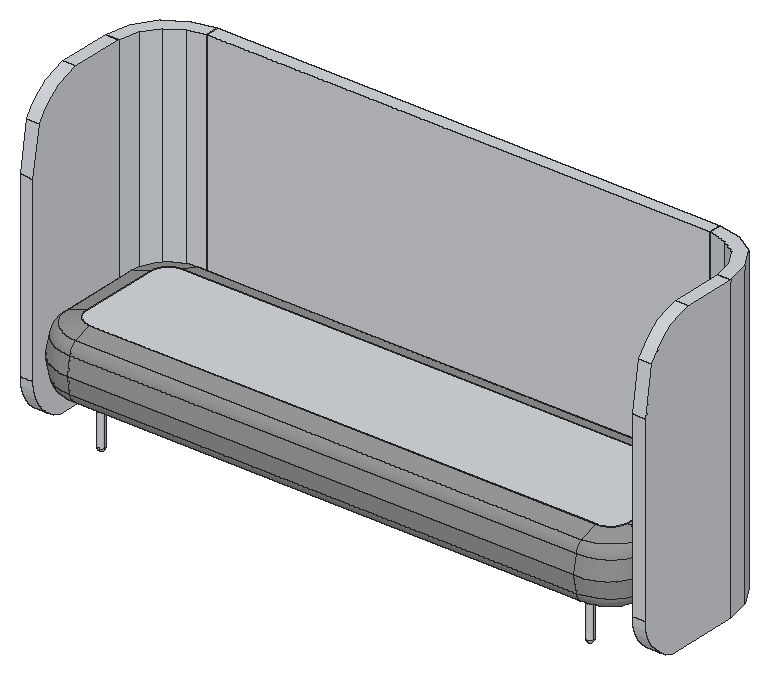
Revit family "Bernhardt-Design_Seating_ChapelleL_3-Seat_Full-Wall", category Furniture, Revit 2013
Parameters (values of type "3 Seat Full Wall")
  Model = "Chapelle"
  Mid Wall = 6' - 5.4107"
  Length = 8' - 1 1/2"
  Description = "Seating"
  Width = 2' - 4 1/4"
  URL = "http://bernhardtdesign.com/"
  Product Page URL = "http://www.bernhardtdesign.com/products/chapelle/index.html"
  Product Name = "Chapelle"
  Product Documentation Link = "http://www.bernhardtdesign.com/pdf/pricelists/sofas/Chapelle_PL.pdf"
  Manufacturer = "Bernhardt "  # constant formula
  Level Certification = ""
  Height = 3' - 11 3/8"
  GreenGuard Certification = ""
  Bernhardt Fabric = none
Reference planes (in)
  plane 1 "Center (Front/Back)": y = 0
  plane 2 "Bottom": z = 0
  plane 3 "Center (Left/Right)": x = 0
  plane 4: x = -38.70535
  plane 5: x = 38.70535
  plane 6 "Total Height": z = 47.375
  plane 7 "Seat Height": z = 16.87819
  plane 8 "Base": z = 0.76323
  plane 9: y = -1.50846
  plane 10: y = -18.00846
  plane 11 "seat front edge": y = -20.50934
Forms (in)
  Extrusion 1, solid
    sketch origin (0, 0, 0) x (1, 0, 0) y (0, 1, 0)
      loop
        line (-38.70535, 8.08149) -> (-38.70535, 6.08149) -> (38.70535, 6.08149) -> (38.70535, 8.08149) -> (-38.70535, 8.08149)
    from 0.76323 to 47.375
  Extrusion 2, solid
    sketch origin (0, 0, 0) x (1, 0, 0) y (0, 1, 0)
      loop
        line (38.70535, 8.08149) -> (38.70535, 6.03681) -> (41.35046, 5.47458) -> (43.83854, 3.8588) -> (45.44752, 1.38119) -> (46.06173, -1.50846) -> (48.10641, -1.50846) -> (47.32674, 2.15959) -> (45.28435, 5.30461) -> (42.12887, 7.3538) -> (38.70535, 8.08149)
    from 0.76323 to 47.375
  Extrusion 3, solid
    sketch origin (0, 0, 0) x (1, 0, 0) y (0, 1, 0)
      loop
        line (48.10641, -1.50846) -> (46.10641, -1.50846) -> (46.10641, -18.00846) -> (48.10641, -18.00846) -> (48.10641, -1.50846)
    from 0.76323 to 47.375
  Extrusion 4, void
    sketch origin (0, 0, 0) x (0, 1, 0) y (0, 0, 1)
      loop
        line (-9.75846, 47.375) -> (-9.75846, 53.875) -> (-24.50846, 53.875) -> (-18.00846, 29.97832)
        arc (-18.00846, 29.97832) -> (-17.92454, 36.30552) -> (-16.7009, 42.51385) r 34.94218
        arc (-16.7009, 42.51385) -> (-13.79438, 45.75091) -> (-9.75846, 47.375) r 9.61187
      loop
        line (-18.00846, 7.50157) -> (-23.08796, -4.465) -> (-12.78184, 0.76323)
        arc (-12.78184, 0.76323) -> (-16.52625, 3.25506) -> (-18.00846, 7.50157) r 7.06609
    from 0 to 71.47273
  Extrusion 5, solid
    sketch origin (0, 0, 0) x (1, 0, 0) y (0, 1, 0)
      loop
        line (-42.12887, 7.3538) -> (-45.28435, 5.30461) -> (-47.32674, 2.15959) -> (-48.10641, -1.50846) -> (-46.06173, -1.50846) -> (-45.44752, 1.38119) -> (-43.83854, 3.8588) -> (-41.35046, 5.47458) -> (-38.70535, 6.03681) -> (-38.70535, 8.08149) -> (-42.12887, 7.3538)
    from 0.76323 to 47.375
  Extrusion 6, solid
    sketch origin (0, 0, 0) x (1, 0, 0) y (0, 1, 0)
      loop
        line (-48.10641, -1.50846) -> (-48.10641, -18.00846) -> (-46.10641, -18.00846) -> (-46.10641, -1.50846) -> (-48.10641, -1.50846)
    from 0.76323 to 47.375
  Extrusion 7, void
    sketch origin (0, 0, 0) x (0, 1, 0) y (0, 0, 1)
      loop
        line (-1.50846, 47.375) -> (-35.50846, 72.76323) -> (-35.50846, -9.98677) -> (-1.50846, -9.98677) -> (-1.50846, 0.76323) -> (-12.78184, 0.76323)
        arc (-12.78184, 0.76323) -> (-16.52625, 3.25506) -> (-18.00846, 7.50157) r 7.06609
        line (-18.00846, 7.50157) -> (-18.00846, 35.38256)
        arc (-18.00846, 35.38256) -> (-17.54014, 38.98221) -> (-16.7009, 42.51385) r 34.94218
        arc (-16.7009, 42.51385) -> (-13.79438, 45.75091) -> (-9.75846, 47.375) r 9.61187
        line (-9.75846, 47.375) -> (-1.50846, 47.375)
    from -56.62088 to -20.41575
Cuts and joins
  Extrusion 4 cuts Extrusion 3
  Extrusion 7 cuts Extrusion 6
Lines and regions (in)
  symbolic lines
    curve 1: arc (-45.84193, -13.54173, 0) -> (-43.79167, -18.49148, 0) -> (-38.84193, -20.54173, 0) r 7
    curve 2: line (39.15807, -20.54173, 0) -> (-38.84193, -20.54173, 0)
    curve 3: arc (46.15807, -13.54173, 0) -> (44.10782, -18.49148, 0) -> (39.15807, -20.54173, 0) r 7
    curve 4: line (-48.10641, -18.00846, 0) -> (-46.10641, -18.00846, 0)
    curve 5: line (-48.10641, -1.50846, 0) -> (-48.10641, -18.00846, 0)
    curve 6: line (-46.10641, -18.00846, 0) -> (-46.10641, -1.71867, 0)
    curve 7: line (-47.32674, 2.15959, 0) -> (-48.10641, -1.50846, 0)
    curve 8: line (-45.28435, 5.30461, 0) -> (-47.32674, 2.15959, 0)
    curve 9: line (-42.12887, 7.3538, 0) -> (-45.28435, 5.30461, 0)
    curve 10: line (-38.70535, 8.08149, 0) -> (-42.12887, 7.3538, 0)
    curve 11: line (-46.10641, -1.71867, 0) -> (-45.44752, 1.38119, 0)
    curve 12: line (-45.44752, 1.38119, 0) -> (-43.83854, 3.8588, 0)
    curve 13: line (-43.83854, 3.8588, 0) -> (-41.35046, 5.47458, 0)
    curve 14: line (-41.35046, 5.47458, 0) -> (-38.49514, 6.08149, 0)
    curve 15: line (-38.49514, 6.08149, 0) -> (38.49514, 6.08149, 0)
    curve 16: line (38.70535, 8.08149, 0) -> (-38.70535, 8.08149, 0)
    curve 17: line (42.12887, 7.3538, 0) -> (38.70535, 8.08149, 0)
    curve 18: line (38.49514, 6.08149, 0) -> (41.35046, 5.47458, 0)
    curve 19: line (41.35046, 5.47458, 0) -> (43.83854, 3.8588, 0)
    curve 20: line (45.28435, 5.30461, 0) -> (42.12887, 7.3538, 0)
    curve 21: line (47.32674, 2.15959, 0) -> (45.28435, 5.30461, 0)
    curve 22: line (43.83854, 3.8588, 0) -> (45.44752, 1.38119, 0)
    curve 23: line (45.44752, 1.38119, 0) -> (46.10641, -1.71867, 0)
    curve 24: line (48.10641, -1.50846, 0) -> (47.32674, 2.15959, 0)
    curve 25: line (48.10641, -18.00846, 0) -> (48.10641, -1.50846, 0)
    curve 26: line (46.10641, -1.71867, 0) -> (46.10641, -18.00846, 0)
    curve 27: line (46.10641, -18.00846, 0) -> (48.10641, -18.00846, 0)
Dimensions and locks (in)
  "Mid Wall": plane 4 to plane 5
  equal spacing: plane 4, plane 3 "Center (Left/Right)", plane 5
  "Height": plane 6 "Total Height" to level
  Extrusion 3 to plane 1 "Center (Front/Back)" = 0' - 1.50846"
  locked: nested 1 to plane 3 "Center (Left/Right)" at 45.84193
  aligned and locked: plane 2 "Bottom" to level
  aligned and locked: Extrusion 1 sketch curve to plane 4
  aligned and locked: Extrusion 1 sketch curve to plane 5
  aligned and locked: Extrusion 1 to plane 8 "Base"
  aligned and locked: plane 6 "Total Height" to Extrusion 1
  aligned and locked: plane 6 "Total Height" to Extrusion 2
  aligned and locked: Extrusion 2 to plane 8 "Base"
  aligned and locked: Extrusion 1 to Extrusion 3
  aligned and locked: Extrusion 3 to plane 8 "Base"
  aligned and locked: plane 6 "Total Height" to Extrusion 3
  aligned and locked: Extrusion 2 to Extrusion 1  (x2)
  aligned and locked: Extrusion 3 to Extrusion 2
  aligned and locked: Extrusion 5 sketch curve to Extrusion 1
  aligned and locked: Extrusion 5 sketch curve to plane 9
  aligned and locked: Extrusion 5 to Extrusion 1
  aligned and locked: plane 6 "Total Height" to Extrusion 5
  aligned and locked: Extrusion 6 sketch curve to Extrusion 5
  aligned and locked: Extrusion 6 sketch curve to plane 10
  aligned and locked: Extrusion 6 to Extrusion 1
  aligned and locked: plane 6 "Total Height" to Extrusion 6
Automatic sketch dimensions
  Extrusion 1 sketch curve to plane 1 "Center (Front/Back)" = 0' - 6.08149"
  Extrusion 1 sketch curve to Extrusion 1 sketch curve = 0' - 2"
  Extrusion 2 sketch curve to plane 5 = 0' - 0"
  Extrusion 2 sketch curve to plane 1 "Center (Front/Back)" = 0' - 1.38119"
  plane 5 to Extrusion 2 sketch curve = 0' - 2.64512"
  Extrusion 2 sketch curve to Extrusion 2 sketch curve = 0' - 0.7784"
  Extrusion 2 sketch curve to Extrusion 2 sketch curve = 0' - 2.48808"
  Extrusion 2 sketch curve to Extrusion 2 sketch curve = 0' - 1.44581"  (x2)
  Extrusion 2 sketch curve to Extrusion 2 sketch curve = 0' - 1.60898"
  Extrusion 2 sketch curve to plane 1 "Center (Front/Back)" = 0' - 2.15959"
  Extrusion 2 sketch curve to Extrusion 2 sketch curve = 0' - 1.87923"  (x2)
  Extrusion 2 sketch curve to Extrusion 2 sketch curve = 0' - 0.61421"
  Extrusion 2 sketch curve to Extrusion 2 sketch curve = 0' - 2.04468"  (x2)
  plane 1 "Center (Front/Back)" to Extrusion 2 sketch curve = 0' - 1.50846"
  Extrusion 2 sketch curve to Extrusion 2 sketch curve = 0' - 2.47761"
  Extrusion 2 sketch curve to Extrusion 2 sketch curve = 0' - 1.61577"
  Extrusion 2 sketch curve to Extrusion 2 sketch curve = 0' - 0.72769"
  plane 5 to Extrusion 3 sketch curve = 0' - 7.40106"
  plane 1 "Center (Front/Back)" to Extrusion 3 sketch curve = 1' - 6.00846"
  Extrusion 3 sketch curve to Extrusion 3 sketch curve = 0' - 2"
  plane 1 "Center (Front/Back)" to Extrusion 3 sketch curve = 0' - 1.50846"
  Extrusion 4 sketch curve to plane 8 "Base" = 0' - 0"
  Extrusion 4 sketch curve to plane 6 "Total Height" = 0' - 0"
  plane 6 "Total Height" to Extrusion 4 sketch curve = 0' - 6 1/2"
  plane 1 "Center (Front/Back)" to Extrusion 4 sketch curve = 2' - 0.50846"
  Extrusion 4 sketch curve to level = 0' - 4.465"
  plane 1 "Center (Front/Back)" to Extrusion 4 sketch curve = 1' - 11.08796"
  plane 7 "Seat Height" to Extrusion 4 sketch curve = 1' - 1.10012"
  plane 1 "Center (Front/Back)" to Extrusion 4 sketch curve = 1' - 6.00846"
  plane 8 "Base" to Extrusion 4 sketch curve = 0' - 6.73834"
  Extrusion 4 sketch curve to Extrusion 4 sketch curve = 0' - 5.0795"
  Extrusion 4 sketch curve to Extrusion 4 sketch curve = 0' - 5.22662"
  plane 1 "Center (Front/Back)" to Extrusion 4 sketch curve = 0' - 9.75846"
  Extrusion 4 sketch curve to plane 6 "Total Height" = 0' - 4.86115"
  Extrusion 4 sketch curve to Extrusion 4 sketch curve = 0' - 6.94244"
  plane 8 "Base" to Extrusion 4 sketch curve = 0' - 6.8226"
  plane 1 "Center (Front/Back)" to Extrusion 4 sketch curve = 0' - 8 9/32"
  Extrusion 4 sketch curve to plane 6 "Total Height" = 1' - 2.69456"
  Extrusion 5 sketch curve to plane 1 "Center (Front/Back)" = 0' - 2.15959"
  plane 4 to Extrusion 5 sketch curve = 0' - 8.62139"
  Extrusion 5 sketch curve to plane 1 "Center (Front/Back)" = 0' - 1.38119"
  Extrusion 5 sketch curve to Extrusion 5 sketch curve = 0' - 1.87923"  (x2)
  Extrusion 5 sketch curve to Extrusion 5 sketch curve = 0' - 2.0424"
  Extrusion 5 sketch curve to Extrusion 5 sketch curve = 0' - 1.44581"  (x2)
  plane 4 to Extrusion 5 sketch curve = 0' - 3.42352"
  Extrusion 5 sketch curve to Extrusion 5 sketch curve = 0' - 0.7784"
  Extrusion 5 sketch curve to Extrusion 5 sketch curve = 0' - 0.77967"
  Extrusion 5 sketch curve to Extrusion 5 sketch curve = 0' - 2.47761"
  Extrusion 5 sketch curve to Extrusion 5 sketch curve = 0' - 1.61577"
  Extrusion 5 sketch curve to Extrusion 5 sketch curve = 0' - 0.72769"
  Extrusion 5 sketch curve to Extrusion 5 sketch curve = 0' - 2.04468"  (x2)
  plane 4 to Extrusion 6 sketch curve = 0' - 9.40106"
  Extrusion 6 sketch curve to Extrusion 6 sketch curve = 0' - 2"
  Extrusion 7 sketch curve to plane 10 = 0' - 0"
  Extrusion 7 sketch curve to plane 8 "Base" = 0' - 0"
  Extrusion 7 sketch curve to plane 9 = 0' - 0"  (x2)
  Extrusion 7 sketch curve to level = 0' - 9.98677"
  Extrusion 7 sketch curve to plane 6 "Total Height" = 0' - 0"
  plane 10 to Extrusion 7 sketch curve = 1' - 5 1/2"
  Extrusion 7 sketch curve to plane 10 = 0' - 5.22662"
  Extrusion 7 sketch curve to Extrusion 7 sketch curve = 0' - 8 1/4"
  Extrusion 7 sketch curve to plane 10 = 0' - 1.30756"
  plane 8 "Base" to Extrusion 7 sketch curve = 0' - 6.8226"
  Extrusion 7 sketch curve to Extrusion 7 sketch curve = 0' - 1.83897"
  plane 9 to Extrusion 7 sketch curve = 0' - 6.77278"
  Extrusion 7 sketch curve to plane 1 "Center (Front/Back)" = 1' - 4.82908"
  Extrusion 7 sketch curve to plane 6 "Total Height" = 0' - 11.99244"
  Extrusion 7 sketch curve to plane 6 "Total Height" = 1' - 2.69456"
  plane 6 "Total Height" to Extrusion 7 sketch curve = 2' - 1.38823"
  curve 5 to plane 9 = 0' - 0"
  curve 4 to plane 10 = 0' - 0"
  curve 16 to plane 4 = 0' - 0"
  curve 17 to plane 5 = 0' - 0"
  plane 10 to curve 27 = 0' - 0"
  plane 9 to curve 25 = 0' - 0"
  curve 2 to plane 11 "seat front edge" = 0' - 0.03239"
  plane 4 to curve 2 = 0' - 0.13658"
  plane 4 to curve 14 = 0' - 2.64512"
  curve 10 to curve 13 = 0' - 0.7784"
  curve 12 to curve 13 = 0' - 2.48808"
  curve 8 to curve 12 = 0' - 1.44581"
  curve 11 to plane 1 "Center (Front/Back)" = 0' - 1.38119"
  curve 11 to curve 12 = 0' - 1.60898"
  plane 9 to curve 6 = 0' - 0.21021"
  curve 6 to curve 11 = 0' - 0.6589"
  curve 8 to plane 1 "Center (Front/Back)" = 0' - 2.15959"
  curve 8 to curve 11 = 0' - 1.87923"
  curve 5 to curve 4 = 0' - 2"
  curve 14 to plane 4 = 0' - 0.21021"
  curve 18 to plane 5 = 0' - 0.21021"
  plane 5 to curve 19 = 0' - 2.64512"
  curve 18 to curve 20 = 0' - 0.7784"
  curve 18 to curve 22 = 0' - 2.48808"
  curve 19 to curve 20 = 0' - 1.44581"  (x2)
  curve 22 to plane 1 "Center (Front/Back)" = 0' - 1.38119"
  curve 19 to curve 22 = 0' - 1.60898"
  plane 9 to curve 23 = 0' - 0.21021"
  curve 22 to curve 23 = 0' - 0.6589"
  curve 24 to plane 1 "Center (Front/Back)" = 0' - 2.15959"
  curve 22 to curve 24 = 0' - 1.87923"
  curve 23 to curve 25 = 0' - 2"
  curve 1 to plane 10 = 0' - 4.46673"
  plane 5 to curve 2 = 0' - 0.45273"
  curve 26 to curve 3 = 0' - 0.05166"
  curve 11 to curve 12 = 0' - 2.47761"
  curve 22 to curve 22 = 0' - 2.47761"
  curve 12 to curve 8 = 0' - 1.44581"
  curve 12 to curve 13 = 0' - 1.61577"
  curve 19 to curve 19 = 0' - 1.61577"
  curve 13 to curve 15 = 0' - 0.60692"
  curve 18 to curve 20 = 0' - 1.87923"
  curve 13 to curve 10 = 0' - 1.87923"
  curve 14 to curve 16 = 0' - 2"
Nested families (in)
  nested 1: "Bernhardt-Design_Seating_ChapelleL_3-Seat_Bench" at (0, 11.08005, 0), type "3 seater bench"
Definition of nested family "Bernhardt-Design_Seating_ChapelleL_3-Seat_Bench"
  Parameters (values of type "3 seater bench")
    Width = 1' - 10 7/8"
    Model = "Chapelle 3 Seat Bench"
    Manufacturer = "Bernhardt"
    Length = 7' - 8"
    Height = 1' - 6"
    Description = "Seating"
    Bernhardt Metal = none
    Bernhardt Fabrics = Fabric-Bernhardt-White
  Reference planes (in)
    plane 1: z = 0
    plane 2: z = 47.125
    plane 3: y = -5.21875
    plane 4 "mid seat": z = 11.85004
    plane 5 "op seat": z = 16.98912
    plane 6: x = -1.59193
    plane 7 "front edge of bench": y = -31.62178
    plane 8 "Bench center": y = -18.53536
    plane 9: x = -45.84193
    plane 10: x = -37.46693
    plane 11: y = -10.00733
    plane 12: y = -26.79581
    plane 13: x = 46.15807
    plane 14: x = 37.78307
    plane 15: z = 11.85004
  Forms (in)
    Revolve 1, solid
      sketch origin (-15.73798, -26.79581, 0) x (0, 0, -1) y (1, 0, 0)
        loop
          line (-6.88986, -21.72633) -> (0, -21.72633)
          arc (0, -21.72633) -> (-0.20612, -21.34815) -> (-0.60963, -21.19754) r 0.6158
          line (-0.60963, -21.19754) -> (-5.60963, -21.19754)
          arc (-5.60963, -21.19754) -> (-6.34307, -20.9291) -> (-6.71097, -20.24015) r 1.0948
          line (-6.71097, -20.24015) -> (-6.83424, -20.24015) -> (-6.88986, -20.44772) -> (-6.88986, -21.72633)
        axis (-6.88986, -21.72633) -> (0, -21.72633)
      angle from 0 to 360
    Revolve 2, solid
      sketch origin (-15.66149, -10.00733, 0) x (0, 0, -1) y (-1, 0, 0)
        loop
          line (-6.88986, 21.72633) -> (-6.88986, 20.44772) -> (-6.83424, 20.24015) -> (-6.71097, 20.24015)
          arc (-6.71097, 20.24015) -> (-6.34307, 20.9291) -> (-5.60963, 21.19754) r 1.0948
          line (-5.60963, 21.19754) -> (-0.60963, 21.19754)
          arc (-0.60963, 21.19754) -> (-0.20612, 21.34815) -> (0, 21.72633) r 0.6158
          line (0, 21.72633) -> (-6.88986, 21.72633)
        axis (-6.88986, 21.72633) -> (0, 21.72633)
      angle from 0 to 360
    Sweep 3, solid, material "Fabric-Bernhardt-White"
      path origin (0, 0, 6.71097) x (0, 1, 0) y (-1, 0, 0)
        loop
          arc (-5.21875, 38.84193) -> (-7.269, 43.79167) -> (-12.21875, 45.84193) r 7
          line (-12.21875, 45.84193) -> (-24.62178, 45.84193)
          arc (-24.62178, 45.84193) -> (-29.57153, 43.79167) -> (-31.62178, 38.84193) r 7
          line (-31.62178, 38.84193) -> (-31.62178, -39.15807)
          arc (-31.62178, -39.15807) -> (-29.57153, -44.10782) -> (-24.62178, -46.15807) r 7
          line (-24.62178, -46.15807) -> (-12.21875, -46.15807)
          arc (-12.21875, -46.15807) -> (-7.269, -44.10782) -> (-5.21875, -39.15807) r 7
          line (-5.21875, -39.15807) -> (-5.21875, 38.84193)
      profile origin (0.15807, -5.21875, 6.71097) x (0, 1, 0) y (0, 0, 1)
        loop
          line (0, 5.13907) -> (-4.32844, 5.13907) -> (-4.32844, 0) -> (-1.55892, 0.88647)
          arc (-1.55892, 0.88647) -> (-0.84704, 1.53879) -> (-0.47753, 2.43085) r 2.23055
          line (-0.47753, 2.43085) -> (0, 5.13907)
    Extrusion 4, solid
      sketch origin (0, 0, 16.98912) x (-1, 0, 0) y (0, -1, 0)
        loop
          arc (-39.15807, 27.29334) -> (-41.04715, 26.51086) -> (-41.82963, 24.62178) r 2.67156
          line (-41.82963, 24.62178) -> (-41.82963, 12.21875)
          arc (-41.82963, 12.21875) -> (-41.04715, 10.32967) -> (-39.15807, 9.54719) r 2.67156
          line (-39.15807, 9.54719) -> (38.84193, 9.54719)
          arc (38.84193, 9.54719) -> (40.731, 10.32967) -> (41.51348, 12.21875) r 2.67156
          line (41.51348, 12.21875) -> (41.51348, 24.62178)
          arc (41.51348, 24.62178) -> (40.731, 26.51086) -> (38.84193, 27.29334) r 2.67156
          line (38.84193, 27.29334) -> (-39.15807, 27.29334)
      from 0 to -5.13907
    Revolve 5, solid
      sketch origin (12.55413, -26.79581, 0) x (0, 0, -1) y (1, 0, 0)
        loop
          line (-6.88986, 25.22633) -> (-6.88986, 23.94772) -> (-6.83424, 23.74015) -> (-6.71097, 23.74015)
          arc (-6.71097, 23.74015) -> (-6.34307, 24.4291) -> (-5.60963, 24.69754) r 1.0948
          line (-5.60963, 24.69754) -> (-0.60963, 24.69754)
          arc (-0.60963, 24.69754) -> (-0.20612, 24.84815) -> (0, 25.22633) r 0.6158
          line (0, 25.22633) -> (-6.88986, 25.22633)
        axis (-6.88986, 25.22633) -> (0, 25.22633)
      angle from 0 to 360
    Revolve 6, solid
      sketch origin (12.47764, -10.00733, 0) x (0, 0, -1) y (-1, 0, 0)
        loop
          line (-6.88986, -25.22633) -> (0, -25.22633)
          arc (0, -25.22633) -> (-0.20612, -24.84815) -> (-0.60963, -24.69754) r 0.6158
          line (-0.60963, -24.69754) -> (-5.60963, -24.69754)
          arc (-5.60963, -24.69754) -> (-6.34307, -24.4291) -> (-6.71097, -23.74015) r 1.0948
          line (-6.71097, -23.74015) -> (-6.83424, -23.74015) -> (-6.88986, -23.94772) -> (-6.88986, -25.22633)
        axis (-6.88986, -25.22633) -> (0, -25.22633)
      angle from 0 to 360
    Sweep 7, solid, material "Fabric-Bernhardt-White"
      path origin (0, 0, 16.98912) x (-1, 0, 0) y (0, -1, 0)
        loop
          arc (38.84193, 5.21875) -> (43.79167, 7.269) -> (45.84193, 12.21875) r 7
          line (45.84193, 12.21875) -> (45.84193, 24.62178)
          arc (45.84193, 24.62178) -> (43.79167, 29.57153) -> (38.84193, 31.62178) r 7
          line (38.84193, 31.62178) -> (-39.15807, 31.62178)
          arc (-39.15807, 31.62178) -> (-44.10782, 29.57153) -> (-46.15807, 24.62178) r 7
          line (-46.15807, 24.62178) -> (-46.15807, 12.21875)
          arc (-46.15807, 12.21875) -> (-44.10782, 7.269) -> (-39.15807, 5.21875) r 7
          line (-39.15807, 5.21875) -> (38.84193, 5.21875)
      profile origin (0.15807, -5.21875, 16.98912) x (0, 1, 0) y (0, 0, 1)
        loop
          line (0, -5.13907) -> (-0.47753, -2.43085)
          arc (-0.47753, -2.43085) -> (-0.84704, -1.53879) -> (-1.55892, -0.88647) r 2.23055
          line (-1.55892, -0.88647) -> (-4.32844, 0) -> (-4.32844, -5.13907) -> (0, -5.13907)
  Lines and regions (in)
    symbolic lines
      curve 1: arc (-38.84193, -5.21875, 16.98912) -> (-43.79167, -7.269, 16.98912) -> (-45.84193, -12.21875, 16.98912) r 7
      curve 2: arc (-45.84193, -24.62178, 16.98912) -> (-43.79167, -29.57153, 16.98912) -> (-38.84193, -31.62178, 16.98912) r 7
      curve 3: line (-45.84193, -12.21875, 16.98912) -> (-45.84193, -24.62178, 16.98912)
      curve 4: arc (39.15807, -5.21875, 16.98912) -> (44.10782, -7.269, 16.98912) -> (46.15807, -12.21875, 16.98912) r 7
      curve 5: arc (46.15807, -24.62178, 16.98912) -> (44.10782, -29.57153, 16.98912) -> (39.15807, -31.62178, 16.98912) r 7
      curve 6: line (46.15807, -12.21875, 16.98912) -> (46.15807, -24.62178, 16.98912)
      curve 7: line (-38.84193, -5.21875, 16.98912) -> (39.15807, -5.21875, 16.98912)
      curve 8: line (-38.84193, -31.62178, 16.98912) -> (39.15807, -31.62178, 16.98912)
  Dimensions and locks (in)
    locked: plane 2 to level at 47.125
    locked: plane 9 to plane 10 at 8.375
    locked: plane 13 to plane 14 at 8.375
    "Length": plane 9 to plane 13
    plane 3 to plane 11 to plane 8 "Bench center" = 0' - 4.78858", 0' - 8.52803"
    plane 8 "Bench center" to plane 12 to plane 7 "front edge of bench" = 0' - 8.26046", 0' - 4.82597"
    plane 15 to plane 5 "op seat" to plane 2 = 0' - 5.13907", 2' - 6.13588"
    aligned and locked: level to plane 1
    aligned and locked: Extrusion 4 to plane 4 "mid seat"
    aligned and locked: plane 11 to Revolve 2
    aligned and locked: plane 12 to Revolve 1
    aligned and locked: plane 9 to Sweep 3 sketch curve
    aligned and locked: plane 13 to Sweep 3 sketch curve
    aligned and locked: Extrusion 4 to Sweep 3  (x2)
  Automatic sketch dimensions
    Revolve 1 sketch curve to level = 0' - 0"  (x2)
    plane 10 to Revolve 1 sketch curve = 0' - 0.00262"
    level to Revolve 1 sketch curve = 0' - 0.60963"
    plane 10 to Revolve 1 sketch curve = 0' - 0.53141"
    Revolve 1 sketch curve to Revolve 1 sketch curve = 0' - 5"
    Revolve 1 sketch curve to Revolve 1 sketch curve = 0' - 1.10134"
    plane 10 to Revolve 1 sketch curve = 0' - 1.48879"
    Revolve 1 sketch curve to Revolve 1 sketch curve = 0' - 0.12327"
    Revolve 1 sketch curve to Revolve 1 sketch curve = 0' - 1.28023"
    Revolve 1 sketch curve to Revolve 1 sketch curve = 0' - 0"  (x2)
    Revolve 1 sketch curve to Revolve 1 sketch curve = 0' - 1.08616"
    Revolve 1 sketch curve to Revolve 1 sketch curve = 0' - 0.20756"
    Revolve 2 sketch curve to level = 0' - 0"  (x2)
    plane 10 to Revolve 2 sketch curve = 0' - 1.56528"
    level to Revolve 2 sketch curve = 0' - 0.60963"
    plane 10 to Revolve 2 sketch curve = 0' - 0.6079"
    Revolve 2 sketch curve to Revolve 2 sketch curve = 0' - 5"
    Revolve 2 sketch curve to Revolve 2 sketch curve = 0' - 1.10134"
    Revolve 2 sketch curve to Revolve 2 sketch curve = 0' - 0.12327"
    plane 10 to Revolve 2 sketch curve = 0' - 0.07911"
    Revolve 2 sketch curve to Revolve 2 sketch curve = 0' - 1.28023"
    Revolve 2 sketch curve to Revolve 2 sketch curve = 0' - 0"  (x2)
    Revolve 2 sketch curve to Revolve 2 sketch curve = 0' - 0.01519"
    Revolve 2 sketch curve to Revolve 2 sketch curve = 0' - 0.20756"
    Sweep 3 sketch curve to plane 7 "front edge of bench" = 0' - 0"
    plane 3 to Sweep 3 sketch curve = 0' - 0"
    Sweep 3 sketch curve to plane 14 = 0' - 1 3/8"
    Sweep 3 sketch curve to plane 12 = 0' - 2.17403"
    plane 11 to Sweep 3 sketch curve = 0' - 2.21142"  (x2)
    Sweep 3 sketch curve to profile plane = 0' - 0"  (x2)
    profile plane to Sweep 3 sketch curve = 0' - 0.88647"
    profile plane to Sweep 3 sketch curve = 0' - 0.47753"
    profile plane to Sweep 3 sketch curve = 0' - 1.55892"
    Sweep 3 sketch curve to Sweep 3 sketch curve = 0' - 2 197/256"
    Sweep 3 sketch curve to Sweep 3 sketch curve = 0' - 2.19666"
    Sweep 3 sketch curve to Sweep 3 sketch curve = 0' - 1.54438"
    Sweep 3 sketch curve to Sweep 3 sketch curve = 0' - 2.70822"
    Extrusion 4 sketch curve to plane 14 = 0' - 4.04656"
    Extrusion 4 sketch curve to plane 11 = 0' - 0.46014"
    Extrusion 4 sketch curve to plane 14 = 0' - 1 3/8"  (x2)
    plane 12 to Extrusion 4 sketch curve = 0' - 0.49752"
    Extrusion 4 sketch curve to plane 10 = 0' - 1 3/8"  (x2)
    Extrusion 4 sketch curve to plane 12 = 0' - 2.17403"
    Revolve 5 sketch curve to level = 0' - 0"  (x2)
    plane 14 to Revolve 5 sketch curve = 0' - 1.48879"
    level to Revolve 5 sketch curve = 0' - 0.60963"
    plane 14 to Revolve 5 sketch curve = 0' - 0.53141"
    Revolve 5 sketch curve to Revolve 5 sketch curve = 0' - 5"
    Revolve 5 sketch curve to Revolve 5 sketch curve = 0' - 1.10134"
    Revolve 5 sketch curve to Revolve 5 sketch curve = 0' - 0.12327"
    plane 14 to Revolve 5 sketch curve = 0' - 0.00262"
    Revolve 5 sketch curve to Revolve 5 sketch curve = 0' - 1.28023"
    Revolve 5 sketch curve to Revolve 5 sketch curve = 0' - 0"  (x2)
    Revolve 5 sketch curve to Revolve 5 sketch curve = 0' - 0.01519"
    Revolve 5 sketch curve to Revolve 5 sketch curve = 0' - 0.20756"
    Revolve 6 sketch curve to level = 0' - 0"  (x2)
    plane 14 to Revolve 6 sketch curve = 0' - 0.07911"
    level to Revolve 6 sketch curve = 0' - 0.60963"
    plane 14 to Revolve 6 sketch curve = 0' - 0.6079"
    Revolve 6 sketch curve to Revolve 6 sketch curve = 0' - 5"
    Revolve 6 sketch curve to Revolve 6 sketch curve = 0' - 1.10134"
    plane 14 to Revolve 6 sketch curve = 0' - 1.56528"
    Revolve 6 sketch curve to Revolve 6 sketch curve = 0' - 0.12327"
    Revolve 6 sketch curve to Revolve 6 sketch curve = 0' - 1.28023"
    Revolve 6 sketch curve to Revolve 6 sketch curve = 0' - 0"  (x2)
    Revolve 6 sketch curve to Revolve 6 sketch curve = 0' - 1.08616"
    Revolve 6 sketch curve to Revolve 6 sketch curve = 0' - 0.20756"
    Sweep 7 sketch curve to plane 13 = 0' - 0"
    Sweep 7 sketch curve to plane 7 "front edge of bench" = 0' - 0"
    plane 3 to Sweep 7 sketch curve = 0' - 0"
    Sweep 7 sketch curve to plane 9 = 0' - 0"
    plane 11 to Sweep 7 sketch curve = 0' - 2.21142"
    Sweep 7 sketch curve to plane 14 = 0' - 1 3/8"
    Sweep 7 sketch curve to plane 10 = 0' - 1 3/8"  (x2)
    Sweep 7 sketch curve to profile plane = 0' - 0"  (x2)
    Sweep 7 sketch curve to profile plane = 0' - 5.13907"
    profile plane to Sweep 7 sketch curve = 0' - 0.47753"
    profile plane to Sweep 7 sketch curve = 0' - 1.55892"
    Sweep 7 sketch curve to Sweep 7 sketch curve = 0' - 2 197/256"
    Sweep 7 sketch curve to Sweep 7 sketch curve = 0' - 1.11527"
    Sweep 7 sketch curve to profile plane = 0' - 2.43085"
    Sweep 7 sketch curve to profile plane = 0' - 0.88647"
    curve 6 to plane 13 = 0' - 0"
    plane 3 to curve 7 = 0' - 0"
    curve 8 to plane 7 "front edge of bench" = 0' - 0"
    curve 3 to plane 9 = 0' - 0"
    plane 11 to curve 6 = 0' - 2.21142"
    curve 8 to plane 14 = 0' - 1 3/8"
    curve 7 to plane 10 = 0' - 1 3/8"
    curve 8 to plane 10 = 0' - 1 3/8"
